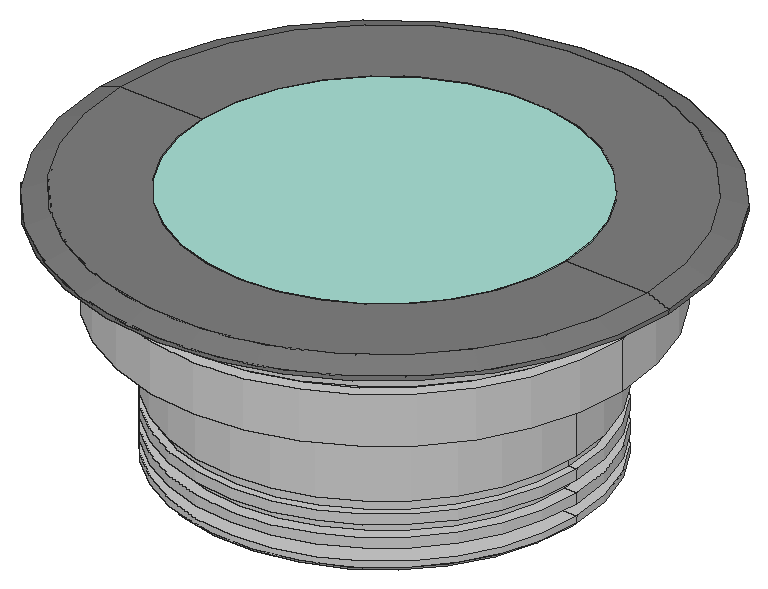
Revit family "Bright 5.F", category Lighting Fixtures, host Face, Revit 2017 (continued)
Types (16, lengths in mm): name | Wattage | Power | Photometric Web File | Optics | built-in parameter 1150142 | built-in parameter 1150105 | Lumens | built-in parameter 1150106 | Apparent Load Phase 1
  Bright 5.F S 18° (3000K 19W 24Vdc) | 10.354 W | "19W" | "BRIGHT 5.F S 18° [3000K 19W 24Vdc].IES" | "18°" | "IESNA:LM-63-2002\r\n[TEST] 20190523-1429.LDT\r\n[TESTLAB] L&L\r\n[TESTDATE] 23 May 2019\r\n[ISSUEDATE] 23 May 2019\r\n[MANUFAC] L&L\r\n[LUMCAT] BRIGHT 5.F S 18° [3000K 19W 24Vdc]\r\n[LUMINAIRE] BRIGHT 5.F S 18° [3000K 19W 24Vdc]\r\n[FLASHAREA] 0.001900\r\n[LAMPCAT] Power LED High Intensity\r\n[LAMP] Power LED High Intensity\r\nTILT=NONE\r\n3 388.67 1.0 181 1 1 2 -0.100 -0.100 0.000\r\n1.00 1.00 19.00\r\n0.00 1.00 2.00 3.00 4.00 5.00 6.00 7.00 8.00 9.00 10.00 \r\n11.00 12.00 13.00 14.00 15.00 16.00 17.00 18.00 19.00 \r\n20.00 21.00 22.00 23.00 24.00 25.00 26.00 27.00 28.00 \r\n29.00 30.00 31.00 32.00 33.00 34.00 35.00 36.00 37.00 \r\n38.00 39.00 40.00 41.00 42.00 43.00 44.00 45.00 46.00 \r\n47.00 48.00 49.00 50.00 51.00 52.00 53.00 54.00 55.00 \r\n56.00 57.00 58.00 59.00 60.00 61.00 62.00 63.00 64.00 \r\n65.00 66.00 67.00 68.00 69.00 70.00 71.00 72.00 73.00 \r\n74.00 75.00 76.00 77.00 78.00 79.00 80.00 81.00 82.00 \r\n83.00 84.00 85.00 86.00 87.00 88.00 89.00 90.00 91.00 \r\n92.00 93.00 94.00 95.00 96.00 97.00 98.00 99.00 100.00 \r\n101.00 102.00 103.00 104.00 105.00 106.00 107.00 108.00 \r\n109.00 110.00 111.00 112.00 113.00 114.00 115.00 116.00 \r\n117.00 118.00 119.00 120.00 121.00 122.00 123.00 124.00 \r\n125.00 126.00 127.00 128.00 129.00 130.00 131.00 132.00 \r\n133.00 134.00 135.00 136.00 137.00 138.00 139.00 140.00 \r\n141.00 142.00 143.00 144.00 145.00 146.00 147.00 148.00 \r\n149.00 150.00 151.00 152.00 153.00 154.00 155.00 156.00 \r\n157.00 158.00 159.00 160.00 161.00 162.00 163.00 164.00 \r\n165.00 166.00 167.00 168.00 169.00 170.00 171.00 172.00 \r\n173.00 174.00 175.00 176.00 177.00 178.00 179.00 180.00 \r\n0.00 \r\n8920.49 8836.89 8607.97 8243.88 7760.62 7195.92 6544.06 \r\n5843.35 5120.21 4418.73 3745.35 3123.49 2555.76 2079.64 \r\n1682.37 1357.09 1094.88 888.62 726.35 599.72 502.16 \r\n423.45 362.09 311.17 269.05 233.26 203.44 178.02 156.26 \r\n137.74 121.64 107.54 94.74 83.62 73.83 65.09 57.57 51.02 \r\n45.38 40.59 36.39 32.70 29.43 26.49 23.85 21.48 19.35 \r\n17.42 15.66 14.05 12.57 11.22 9.97 8.83 7.81 6.86 6.01 \r\n5.22 4.50 3.85 3.28 2.80 2.42 2.10 1.85 1.64 1.46 1.30 \r\n1.15 1.02 0.90 0.78 0.67 0.57 0.46 0.36 0.29 0.23 0.19 \r\n0.17 0.15 0.13 0.11 0.09 0.08 0.06 0.05 0.04 0.03 0.01 \r\n0.01 0.00 0.00 0.00 0.00 0.00 0.00 0.00 0.00 0.00 0.00 \r\n0.00 0.00 0.00 0.00 0.00 0.00 0.00 0.00 0.00 0.00 0.00 \r\n0.00 0.00 0.00 0.00 0.00 0.00 0.00 0.00 0.00 0.00 0.00 \r\n0.00 0.00 0.00 0.00 0.00 0.00 0.00 0.00 0.00 0.00 0.00 \r\n0.00 0.00 0.00 0.00 0.00 0.00 0.00 0.00 0.00 0.00 0.00 \r\n0.00 0.00 0.00 0.00 0.00 0.00 0.00 0.00 0.00 0.00 0.00 \r\n0.00 0.00 0.00 0.00 0.00 0.00 0.00 0.00 0.00 0.00 0.00 \r\n0.00 0.00 0.00 0.00 0.00 0.00 0.00 0.00 0.00 0.00 0.00 \r\n0.00 0.00 0.00 \r\n" | 1546.8 (stored number, unit not read) | 1538 lm | 15.468 (stored number, unit not read) | 19 W
  Bright 5.F T 12° (3000K 19W 24Vdc) | 10.354 W | "19W" | "BRIGHT 5.F T 12° [3000K 19W 24Vdc].IES" | "12°" | "IESNA:LM-63-2002\r\n[TEST] 20190523-1156.LDT\r\n[TESTLAB] L&L\r\n[TESTDATE] 23 May 2019\r\n[ISSUEDATE] 23 May 2019\r\n[MANUFAC] L&L\r\n[LUMCAT] BRIGHT 5.F T 12° [3000K 19W 24Vdc]\r\n[LUMINAIRE] BRIGHT 5.F T 12° [3000K 19W 24Vdc]\r\n[FLASHAREA] 0.001900\r\n[LAMPCAT] Power LED High Intensity\r\n[LAMP] Power LED High Intensity\r\nTILT=NONE\r\n3 402.67 1.0 181 1 1 2 -0.100 -0.100 0.000\r\n1.00 1.00 19.00\r\n0.00 1.00 2.00 3.00 4.00 5.00 6.00 7.00 8.00 9.00 10.00 \r\n11.00 12.00 13.00 14.00 15.00 16.00 17.00 18.00 19.00 \r\n20.00 21.00 22.00 23.00 24.00 25.00 26.00 27.00 28.00 \r\n29.00 30.00 31.00 32.00 33.00 34.00 35.00 36.00 37.00 \r\n38.00 39.00 40.00 41.00 42.00 43.00 44.00 45.00 46.00 \r\n47.00 48.00 49.00 50.00 51.00 52.00 53.00 54.00 55.00 \r\n56.00 57.00 58.00 59.00 60.00 61.00 62.00 63.00 64.00 \r\n65.00 66.00 67.00 68.00 69.00 70.00 71.00 72.00 73.00 \r\n74.00 75.00 76.00 77.00 78.00 79.00 80.00 81.00 82.00 \r\n83.00 84.00 85.00 86.00 87.00 88.00 89.00 90.00 91.00 \r\n92.00 93.00 94.00 95.00 96.00 97.00 98.00 99.00 100.00 \r\n101.00 102.00 103.00 104.00 105.00 106.00 107.00 108.00 \r\n109.00 110.00 111.00 112.00 113.00 114.00 115.00 116.00 \r\n117.00 118.00 119.00 120.00 121.00 122.00 123.00 124.00 \r\n125.00 126.00 127.00 128.00 129.00 130.00 131.00 132.00 \r\n133.00 134.00 135.00 136.00 137.00 138.00 139.00 140.00 \r\n141.00 142.00 143.00 144.00 145.00 146.00 147.00 148.00 \r\n149.00 150.00 151.00 152.00 153.00 154.00 155.00 156.00 \r\n157.00 158.00 159.00 160.00 161.00 162.00 163.00 164.00 \r\n165.00 166.00 167.00 168.00 169.00 170.00 171.00 172.00 \r\n173.00 174.00 175.00 176.00 177.00 178.00 179.00 180.00 \r\n0.00 \r\n15584.64 15233.28 14323.27 12950.97 11193.63 9413.01 \r\n7581.01 6005.30 4627.83 3575.79 2765.72 2189.74 1741.37 \r\n1429.54 1200.71 1022.51 885.45 765.91 668.55 584.05 \r\n510.72 446.96 395.42 349.77 311.81 276.38 247.19 221.47 \r\n198.58 178.68 161.21 145.19 130.98 117.89 105.18 94.01 \r\n83.36 74.54 66.64 59.96 54.03 48.78 43.91 39.70 35.77 \r\n32.14 28.93 25.90 23.28 20.82 18.66 16.62 14.70 12.62 \r\n10.84 9.04 7.50 6.12 4.89 3.86 3.12 2.63 2.28 1.98 1.71 \r\n1.49 1.30 1.13 0.99 0.85 0.73 0.62 0.53 0.45 0.38 0.33 \r\n0.29 0.26 0.23 0.20 0.18 0.15 0.13 0.11 0.09 0.08 0.06 \r\n0.04 0.03 0.01 0.01 0.00 0.00 0.00 0.00 0.00 0.00 0.00 \r\n0.00 0.00 0.00 0.00 0.00 0.00 0.00 0.00 0.00 0.00 0.00 \r\n0.00 0.00 0.00 0.00 0.00 0.00 0.00 0.00 0.00 0.00 0.00 \r\n0.00 0.00 0.00 0.00 0.00 0.00 0.00 0.00 0.00 0.00 0.00 \r\n0.00 0.00 0.00 0.00 0.00 0.00 0.00 0.00 0.00 0.00 0.00 \r\n0.00 0.00 0.00 0.00 0.00 0.00 0.00 0.00 0.00 0.00 0.00 \r\n0.00 0.00 0.00 0.00 0.00 0.00 0.00 0.00 0.00 0.00 0.00 \r\n0.00 0.00 0.00 0.00 0.00 0.00 0.00 0.00 0.00 0.00 0.00 \r\n0.00 0.00 0.00 0.00 0.00 0.00 \r\n" | 1546.8 (stored number, unit not read) | 1538 lm | 15.468 (stored number, unit not read) | 19 W
  Bright 5.F V 10° (3000K 19W 24Vdc) | 10.354 W | "19W" | "BRIGHT 5.F V 10° [3000K 19W 24Vdc].IES" | "10°" | "IESNA:LM-63-2002\r\n[TEST] 20190523-0902\r\n[TESTLAB] L&L\r\n[TESTDATE] 23 May 2019\r\n[ISSUEDATE] 23 May 2019\r\n[MANUFAC] L&L\r\n[LUMCAT] BRIGHT 5.F V 10° [3000K 19W 24Vdc]\r\n[LUMINAIRE] BRIGHT 5.F V 10° [3000K 19W 24Vdc]\r\n[FLASHAREA] 0.001900\r\n[LAMPCAT] Power LED High Intensity\r\n[LAMP] Power LED High Intensity\r\nTILT=NONE\r\n3 373.67 1.0 181 1 1 2 -0.100 -0.100 0.000\r\n1.00 1.00 19.00\r\n0.00 1.00 2.00 3.00 4.00 5.00 6.00 7.00 8.00 9.00 10.00 \r\n11.00 12.00 13.00 14.00 15.00 16.00 17.00 18.00 19.00 \r\n20.00 21.00 22.00 23.00 24.00 25.00 26.00 27.00 28.00 \r\n29.00 30.00 31.00 32.00 33.00 34.00 35.00 36.00 37.00 \r\n38.00 39.00 40.00 41.00 42.00 43.00 44.00 45.00 46.00 \r\n47.00 48.00 49.00 50.00 51.00 52.00 53.00 54.00 55.00 \r\n56.00 57.00 58.00 59.00 60.00 61.00 62.00 63.00 64.00 \r\n65.00 66.00 67.00 68.00 69.00 70.00 71.00 72.00 73.00 \r\n74.00 75.00 76.00 77.00 78.00 79.00 80.00 81.00 82.00 \r\n83.00 84.00 85.00 86.00 87.00 88.00 89.00 90.00 91.00 \r\n92.00 93.00 94.00 95.00 96.00 97.00 98.00 99.00 100.00 \r\n101.00 102.00 103.00 104.00 105.00 106.00 107.00 108.00 \r\n109.00 110.00 111.00 112.00 113.00 114.00 115.00 116.00 \r\n117.00 118.00 119.00 120.00 121.00 122.00 123.00 124.00 \r\n125.00 126.00 127.00 128.00 129.00 130.00 131.00 132.00 \r\n133.00 134.00 135.00 136.00 137.00 138.00 139.00 140.00 \r\n141.00 142.00 143.00 144.00 145.00 146.00 147.00 148.00 \r\n149.00 150.00 151.00 152.00 153.00 154.00 155.00 156.00 \r\n157.00 158.00 159.00 160.00 161.00 162.00 163.00 164.00 \r\n165.00 166.00 167.00 168.00 169.00 170.00 171.00 172.00 \r\n173.00 174.00 175.00 176.00 177.00 178.00 179.00 180.00 \r\n0.00 \r\n23620.20 23104.91 21277.37 18562.52 15360.38 12104.73 \r\n9021.83 6421.54 4397.77 2964.96 2017.53 1419.97 1036.31 \r\n796.63 643.43 537.25 460.11 399.69 351.16 310.06 274.11 \r\n241.62 212.57 186.17 162.77 142.38 125.73 111.92 100.23 \r\n90.33 81.84 74.37 67.93 62.19 57.03 52.45 48.31 44.68 \r\n41.36 38.41 35.72 33.26 30.91 28.74 26.69 24.74 22.96 \r\n21.31 19.79 18.37 17.04 15.81 14.68 13.62 12.68 11.78 \r\n10.95 10.16 9.39 8.65 7.94 7.27 6.63 6.01 5.39 4.83 4.30 \r\n3.79 3.30 2.81 2.36 1.95 1.58 1.23 0.88 0.57 0.36 0.25 \r\n0.17 0.13 0.11 0.10 0.08 0.07 0.06 0.05 0.04 0.03 0.02 \r\n0.01 0.00 0.00 0.00 0.00 0.00 0.00 0.00 0.00 0.00 0.00 \r\n0.00 0.00 0.00 0.00 0.00 0.00 0.00 0.00 0.00 0.00 0.00 \r\n0.00 0.00 0.00 0.00 0.00 0.00 0.00 0.00 0.00 0.00 0.00 \r\n0.00 0.00 0.00 0.00 0.00 0.00 0.00 0.00 0.00 0.00 0.00 \r\n0.00 0.00 0.00 0.00 0.00 0.00 0.00 0.00 0.00 0.00 0.00 \r\n0.00 0.00 0.00 0.00 0.00 0.00 0.00 0.00 0.00 0.00 0.00 \r\n0.00 0.00 0.00 0.00 0.00 0.00 0.00 0.00 0.00 0.00 0.00 \r\n0.00 0.00 0.00 0.00 0.00 0.00 0.00 0.00 0.00 0.00 0.00 \r\n0.00 0.00 0.00 0.00 \r\n" | 1546.8 (stored number, unit not read) | 1538 lm | 15.468 (stored number, unit not read) | 19 W
